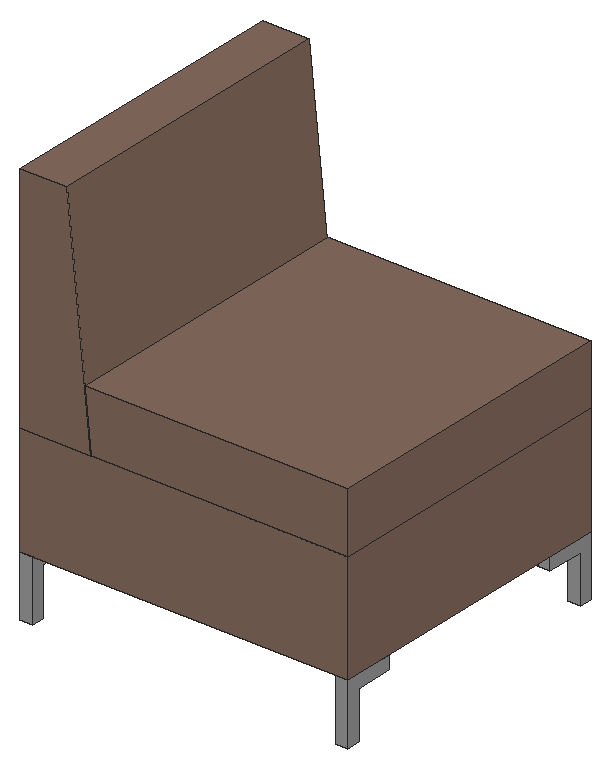
Revit family "Furniture_Chair_Abaco 750", category Furniture, Revit 2019
Family settings
  OmniClass Number = 23.21.23.15.17
  Work Plane-Based = Yes
  Always vertical = No
  Cut with Voids When Loaded = No
  Shared = No
  Room Calculation Point = No
Parameters (values of type "ABACO 750")
  Youtube clip = ""
  Uniformat II Description = "Movable Furnishings"
  Uniformat II Code = ""
  Uniclass 2015 Name = ""
  Uniclass 2015 Code = ""
  Uniclass 2.0 Description = ""
  Uniclass 2.0 Code = ""
  Uniclass 1.4 Description = ""
  Uniclass 1.4 Code = ""
  UNSPSC Code = ""
  Technical description = ""
  Shell Material = Leather - Percentage AK016
  Frame Material = Titanium
  Region South America = "All"
  Region Oceania = "All"
  Region North America = "All"
  Region Middle East = "All"
  Region Europe = "All"
  Region Asia = "All"
  Region Antarctica = "All"
  Region Africa = "All"
  QR code = "https://www.sandlerseating.com/product/abaco-750/"
  Product url = "https://www.sandlerseating.com/product/abaco-750/"
  Product name = "ABACO 750"
  Product group = "Chair"
  Product family = "Furniture"
  Product data url = "https://www.sandlerseating.com/product/abaco-750/"
  Product certification = ""
  Product SKU = "??"
  Product Guid = "??"
  OmniClass Description = ""
  OmniClass Code = "23-21 23 15 17"
  NBS Reference Description = ""
  NBS Reference Code = ""
  Model = "ABACO 750"
  Masterformat 2014 Description = "Chair Mats"
  Masterformat 2014 Code = "12 48 43.13"
  Manufacturer name = "Sandler"
  Manufacturer country = "USA"
  Manufacturer = "Sandler"
  Installation instructions = ""
  IFC Classification = "Furnishing Element"
  GTIN code = ""
  Edition number = 1
  Design country = "Brasil"
  Description = "Chair"
  Default Elevation = 0.000 mm
  Date of publishing = ""
  COBIe Type Category = ""
  Brand url = "https://www.sandlerseating.com/"
  BIMobject main category code = "furniture"
  BIMobject main category = "Furniture"
  BIMobject category code = "furniture-chair"
  BIMobject category = "Chair"
Reference planes
  plane 1 "Center Front/Back": y = 0
  plane 2: z = 0
  plane 3 "Center Left/Right": x = 0
  plane 4: x = -300
  plane 5: x = 300
  plane 6: y = 325
  plane 7: y = -325
  plane 8: z = 800
  plane 9: y = -300
Forms (mm)
  Extrusion 1, solid, material "Leather - Percentage AK016" <- "Shell Material"
    sketch origin (0, 0, 840) x (0, -1, 0) y (1, 0, 0)
      loop
        line (300, -325) -> (300, 325) -> (-300, 325) -> (-300, -325) -> (300, -325)
    from -718.996 to -500
  Extrusion 2, solid, material "Leather - Percentage AK016" <- "Shell Material"
    sketch origin (0, 0, 0) x (-1, 0, 0) y (0, 0, 1)
      loop
        line (325, 800) -> (233.348, 800) -> (185, 340) -> (325, 340) -> (325, 800)
    from -300 to 300
  Extrusion 3, solid, material "Leather - Percentage AK016" <- "Shell Material"
    sketch origin (0, 0, -60) x (-1, 0, 0) y (0, 0, 1)
      loop
        line (197.613, 520) -> (-325, 520) -> (-325, 400) -> (185, 400) -> (197.613, 520)
    from -300 to 300
  Extrusion 4, solid, material "Titanium" <- "Frame Material"
    sketch origin (0, 0, 0) x (0, 1, 0) y (0, 0, 1)
      loop
        line (-300, 121.004) -> (-300, 0) -> (-275, 0) -> (-275, 95) -> (-200, 95) -> (-200, 121.004) -> (-300, 121.004)
    from 300 to 325
  Extrusion 5, solid, material "Titanium" <- "Frame Material"
    sketch origin (0, 0, 0) x (0, 1, 0) y (0, 0, -1)
      loop
        line (-300, -121.004) -> (-200, -121.004) -> (-200, -95) -> (-275, -95) -> (-275, 0) -> (-300, 0) -> (-300, -121.004)
    from 300 to 325
  Extrusion 6, solid, material "Titanium" <- "Frame Material"
    sketch origin (0, 75, 0) x (0, 1, 0) y (0, 0, 1)
      loop
        line (-275, 95) -> (-275, 121.004) -> (-300, 121.004) -> (-300, 95) -> (-275, 95)
    from -300 to 300
  Extrusion 7, solid, material "Titanium" <- "Frame Material"
    sketch origin (0, 0, 0) x (0, -1, 0) y (0, 0, -1)
      loop
        line (-300, -121.004) -> (-200, -121.004) -> (-200, -95) -> (-275, -95) -> (-275, 0) -> (-300, 0) -> (-300, -121.004)
    from 300 to 325
  Extrusion 8, solid, material "Titanium" <- "Frame Material"
    sketch origin (0, 0, 0) x (0, -1, 0) y (0, 0, 1)
      loop
        line (-300, 121.004) -> (-300, 0) -> (-275, 0) -> (-275, 95) -> (-200, 95) -> (-200, 121.004) -> (-300, 121.004)
    from 300 to 325
  Extrusion 9, solid, material "Titanium" <- "Frame Material"
    sketch origin (0, -75, 0) x (0, -1, 0) y (0, 0, -1)
      loop
        line (-275, -95) -> (-300, -95) -> (-300, -121.004) -> (-275, -121.004) -> (-275, -95)
    from -300 to 300
Dimensions and locks
  aligned and locked: level to plane 2
  aligned and locked: Extrusion 3 to Extrusion 2
